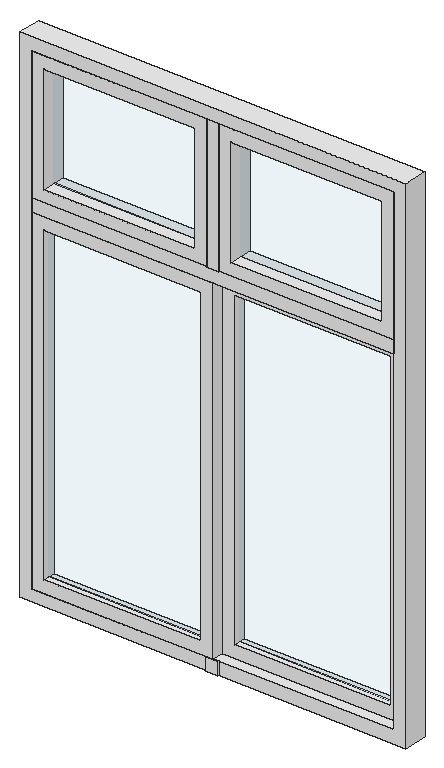
Revit family "window_slidingwindow_toppivot_2panel", category Windows, host Wall, Revit 2015
Parameters (values of type "1600w x 1500h")
  MY Revit Website = "http://revit.sg"
  SymbolSlidingSwing = HeightSliding / 2  # 750 mm
  FREE Revit Family -  Revit.SG = "http://revit.sg"
  HeightSliding = 1500 mm
  Height = 2100 mm
  Default Sill Height = 900 mm
  Wall Closure = By host
  Width = 1600 mm
  Creator = "Gary Lim"  # constant formula
  Analytic Construction = "<None>"
Reference planes
  plane 1 "Center (Front/Back)": y = 0
  plane 2 "Center (Left/Right)": x = 0
  plane 3 "Left": x = -800
  plane 4 "Right": x = 800
  plane 5 "Sill": z = 900
  plane 6 "Exterior": y = 100
  plane 7 "Interior": y = -100
  plane 8: x = 749.934
  plane 9: x = 800
  plane 10: x = -749.934
  plane 11: x = -675
  plane 12 "glass-side": y = -25
  plane 13 "glass-centre": y = -75
  plane 14: z = 1650
  plane 15 "glass-side-symbol-ext": y = -22
  plane 16: x = 387.467
  plane 17: x = 280
  plane 18 "glass-centre-symbol-ext": y = -72
  plane 19: x = -387.467
  plane 20 "window top 2100": z = 3000
  plane 21: x = 25
  plane 22: x = -25
  plane 23: z = 2400
  plane 24: z = 2350
  plane 25 "top pivot glass": y = -50
  plane 26: z = 950.066
  plane 27: z = 2949.934
  plane 28: x = 494.934
  plane 29: x = -280
  plane 30: x = -494.934
Forms (mm)
  Sweep 1, solid, material "Aluminium"
    path origin (0, -100, 0) x (1, 0, 0) y (0, 0, 1)
      loop
        line (749.934, 2350) -> (0, 2350) -> (0, 950) -> (749.934, 950) -> (749.934, 2350)
    profile origin (374.967, -100, 2350) x (0, 0, -1) y (0, -1, 0)
      loop
        line (0, -50) -> (0, -100) -> (50, -100) -> (50, -50) -> (0, -50)
  Sweep 2, solid, material "Aluminium"
    path origin (0, -100, 0) x (-1, 0, 0) y (0, 0, 1)
      loop
        line (749.934, 2350) -> (0, 2350) -> (0, 950) -> (749.934, 950) -> (749.934, 2350)
    profile origin (-374.967, -100, 2350) x (0, 0, 1) y (0, -1, 0)
      loop
        line (0, 0) -> (-50, 0) -> (-50, -50) -> (0, -50) -> (0, 0)
  Extrusion 3, solid, material "Glass"
    sketch origin (0, -25, 0) x (-1, 0, 0) y (0, 0, 1)
      loop
        line (-699.934, 2300) -> (-699.934, 1000) -> (-50, 1000) -> (-50, 2300) -> (-699.934, 2300)
    from -3 to 3
  Extrusion 4, solid, material "Glass"
    sketch origin (0, -75, 0) x (1, 0, 0) y (0, 0, -1)
      loop
        line (-699.934, -2300) -> (-50, -2300) -> (-50, -1000) -> (-699.934, -1000) -> (-699.934, -2300)
    from -3 to 3
  Sweep 5, solid, material "Aluminium"
    path origin (0, -100, 0) x (1, 0, 0) y (0, 0, 1)
      loop
        line (-800, 3000) -> (-800, 900) -> (800, 900) -> (800, 3000) -> (-800, 3000)
    profile origin (0, -100, 3000) x (0, 0, 1) y (0, -1, 0)
      loop
        line (0, 0) -> (-50.066, 0) -> (-50.066, -100) -> (0, -100) -> (0, 0)
  Extrusion 6, solid, material "Aluminium"
    sketch origin (0, -100, 0) x (1, 0, 0) y (0, 0, 1)
      loop
        line (749.934, 2400) -> (-749.934, 2400) -> (-749.934, 2350) -> (749.934, 2350) -> (749.934, 2400)
    from 0 to -100
  Extrusion 7, solid, material "Aluminium"
    sketch origin (550, -100, 0) x (-1, 0, 0) y (0, 0, -1)
      loop
        line (575, -2400) -> (525, -2400) -> (525, -2949.934) -> (575, -2949.934) -> (575, -2400)
    from 0 to -100
  Sweep 8, solid, material "Aluminium"
    path origin (0, -50, 0) x (0, 0, -1) y (-1, 0, 0)
      loop
        line (-2949.934, 749.934) -> (-2949.934, 25) -> (-2400, 25) -> (-2400, 749.934) -> (-2949.934, 749.934)
    profile origin (-387.467, -50, 2949.934) x (0, 0, -1) y (0, 1, 0)
      loop
        line (0, 50) -> (0, -50) -> (49.934, -50) -> (49.934, 50) -> (0, 50)
  Extrusion 9, solid, material "Glass"
    sketch origin (0, -50, 0) x (0, 0, -1) y (-1, 0, 0)
      loop
        line (-2900, 700) -> (-2900, 74.934) -> (-2449.934, 74.934) -> (-2449.934, 700) -> (-2900, 700)
    from -3 to 3
  Sweep 10, solid, material "Aluminium"
    path origin (0, -50, 0) x (0, 0, -1) y (1, 0, 0)
      loop
        line (-2949.934, 749.934) -> (-2949.934, 25) -> (-2400, 25) -> (-2400, 749.934) -> (-2949.934, 749.934)
    profile origin (387.467, -50, 2949.934) x (0, 0, 1) y (0, 1, 0)
      loop
        line (0, 50) -> (-49.934, 50) -> (-49.934, -50) -> (0, -50) -> (0, 50)
  Extrusion 11, solid, material "Glass"
    sketch origin (0, -50, 0) x (0, 0, -1) y (-1, 0, 0)
      loop
        line (-2900, -699.934) -> (-2449.934, -699.934) -> (-2449.934, -74.934) -> (-2900, -74.934) -> (-2900, -699.934)
    from -3 to 3
  Extrusion 12, solid, material "Aluminium"
    sketch origin (-650, -100, 0) x (1, 0, 0) y (0, 0, 1)
      loop
        line (675, 900) -> (675, 950.066) -> (625, 950.066) -> (625, 900) -> (675, 900)
    from -3 to 3
  Extrusion 13, solid, material "Glass"
    sketch origin (0, -50, 0) x (0, 0, -1) y (-1, 0, 0)
      loop
        line (-900, -749.934) -> (-900, -25) -> (-950.066, -25) -> (-950.066, -749.934) -> (-900, -749.934)
    from -3 to 3
  Extrusion 14, solid, material "Glass"
    sketch origin (0, -50, 0) x (0, 0, -1) y (-1, 0, 0)
      loop
        line (-900, 25) -> (-900, 749.934) -> (-950.066, 749.934) -> (-950.066, 25) -> (-900, 25)
    from -3 to 3
Lines and regions (mm)
  Opening 1
    outline origin (3500, -100, 0) x (1, 0, 0) y (0, 0, 1)
      loop
        line (-2700, 900) -> (-2700, 3000) -> (-4300, 3000) -> (-4300, 900) -> (-2700, 900)
  symbolic lines, style "Elevation Swing"
    curve 1: line (-749.934, -50, 2400) -> (-387.467, -50, 2949.934)
    curve 2: line (-387.467, -50, 2949.934) -> (-25, -50, 2400)
    curve 3: line (749.934, -50, 2400) -> (387.467, -50, 2949.934)
    curve 4: line (387.467, -50, 2949.934) -> (25, -50, 2400)
  symbolic lines, style "WindowsOpeningProjection", not visible
    curve 5: line (487.467, -75, 1650) -> (287.467, -75, 1650)
    curve 9: line (494.934, -50, 1650) -> (280, -50, 1650)
    curve 10: line (280, -50, 1650) -> (333.033, -50, 1703.033)
  symbolic lines, style "Elevation Swing", not visible
    curve 6: line (487.467, -50, 1650) -> (448.576, -50, 1688.891)
  symbolic lines, style "WindowsOpeningProjection"
    curve 7: line (494.934, -50, 1650) -> (280, -50, 1650)
    curve 8: line (280, -50, 1650) -> (333.033, -50, 1703.033)
    curve 11: line (-494.934, -50, 1650) -> (-280, -50, 1650)
    curve 12: line (-280, -50, 1650) -> (-333.033, -50, 1703.033)
Text (mm)
  text "EXTERIOR" at (-1963.203, 1332.353, 0), in view "Ref. Level"
  text "INTERIOR" at (-1981.466, -818.386, 0), in view "Ref. Level"
  text "Exterior" at (0, 923.751, 2943.296), in view "Right"
  text "Exterior" at (0, 1040.484, 2685.409), in view "Left"
Dimensions and locks
  equal spacing: plane 3 "Left", plane 2 "Center (Left/Right)", plane 4 "Right"  (x2)
  "Width": plane 3 "Left" to plane 4 "Right"
  "Default Sill Height": plane 5 "Sill" to level
  locked: plane 6 "Exterior" to host wall at 0
  locked: plane 7 "Interior" to host wall
  locked: host wall to plane 13 "glass-centre" at 25
  locked: plane 12 "glass-side" to host wall at 75
  "SymbolSlidingSwing": plane 5 "Sill" to plane 14
  plane 21 to plane 2 "Center (Left/Right)" to plane 22 = 25 mm locked, 25 mm locked
  "Height": plane 20 "window top 2100" to plane 5 "Sill"
  "HeightSliding": plane 23 to plane 5 "Sill"
  locked: plane 23 to plane 24 at 50
  locked: plane 25 "top pivot glass" to host wall at 50
  equal spacing: plane 21, plane 16, plane 8
  equal spacing: plane 10, plane 19, plane 22
  locked: plane 8 to plane 4 "Right" at 50.066
  locked: plane 10 to plane 3 "Left" at 50.066
  locked: plane 27 to plane 20 "window top 2100" at 50.066
  plane 17 to plane 16 to plane 28 = 107.467 mm locked, 107.467 mm locked
  plane 30 to plane 19 to plane 29 = 107.467 mm locked, 107.467 mm locked
  locked: Sweep 2 to Extrusion 6 at 50
  locked: Sweep 2 to Sweep 1 at 50
  locked: Sweep 2 to Sweep 5 at 50
  aligned and locked: plane 2 "Center (Left/Right)" to Sweep 1 sketch curve
  aligned and locked: Extrusion 3 sketch curve to Sweep 1  (x4)
  aligned and locked: Sweep 5 sketch curve to host wall
  aligned and locked: plane 20 "window top 2100" to Opening 1 sketch curve
  aligned and locked: host wall to Extrusion 6
  aligned and locked: plane 23 to Extrusion 6
  aligned and locked: plane 23 to Extrusion 6 sketch curve
  aligned and locked: plane 24 to Extrusion 6
  aligned and locked: plane 24 to Sweep 2
  aligned and locked: plane 24 to Sweep 1
  aligned and locked: Sweep 1 to Extrusion 4
  aligned and locked: Sweep 5 to plane 20 "window top 2100"
  aligned and locked: Extrusion 7 to Sweep 8 sketch curve
  aligned and locked: Sweep 8 sketch curve to Extrusion 7
  aligned and locked: Sweep 8 sketch curve to Sweep 5  (x2)
  aligned and locked: Extrusion 9 sketch curve to Sweep 8  (x4)
  aligned and locked: Sweep 8 to curve 1
  aligned and locked: Extrusion 12 to Extrusion 13 sketch curve  (x2)
  aligned and locked: Extrusion 12 to Extrusion 14 sketch curve  (x2)
  aligned and locked: Sweep 5 sketch curve to plane 9
  aligned and locked: Opening 1 sketch curve to plane 9
  aligned and locked: Sweep 1 sketch curve to Sweep 5
  aligned and locked: plane 4 "Right" to Sweep 5
  aligned and locked: plane 9 to plane 4 "Right"
  aligned and locked: plane 3 "Left" to Opening 1 sketch curve
  aligned and locked: plane 3 "Left" to Sweep 5 sketch curve
  aligned and locked: Sweep 2 sketch curve to Sweep 5
  aligned and locked: Extrusion 4 to Sweep 2
  aligned and locked: Sweep 5 to Sweep 10 sketch curve
  aligned and locked: Extrusion 11 to Sweep 1
  aligned and locked: Sweep 1 to Extrusion 13
  aligned and locked: Extrusion 14 to Sweep 2
  aligned and locked: plane 8 to Sweep 10
  aligned and locked: plane 10 to Sweep 8
  aligned and locked: Extrusion 6 to plane 8
  aligned and locked: Extrusion 6 to plane 10
  aligned and locked: plane 26 to Sweep 5
  aligned and locked: plane 27 to Sweep 5
  aligned and locked: plane 28 to curve 7
  aligned and locked: plane 5 "Sill" to Sweep 5 sketch curve
  aligned and locked: plane 5 "Sill" to Opening 1 sketch curve
Automatic sketch dimensions
  Sweep 1 sketch curve to plane 24 = 0 mm
  Sweep 1 sketch curve to plane 5 "Sill" = 50 mm
  Sweep 1 sketch curve to profile plane = 0 mm
  Sweep 1 sketch curve to profile plane = 50 mm
  Sweep 1 sketch curve to plane 7 "Interior" = 100 mm
  Sweep 1 sketch curve to plane 7 "Interior" = 50 mm
  plane 2 "Center (Left/Right)" to Sweep 2 sketch curve = 0 mm
  Sweep 2 sketch curve to plane 24 = 0 mm
  plane 5 "Sill" to Sweep 2 sketch curve = 50 mm
  Sweep 2 sketch curve to plane 7 "Interior" = 0 mm
  profile plane to Sweep 2 sketch curve = 0 mm
  profile plane to Sweep 2 sketch curve = 50 mm
  Sweep 2 sketch curve to plane 7 "Interior" = 50 mm
  Extrusion 4 sketch curve to plane 11 = 24.934 mm
  Extrusion 4 sketch curve to plane 22 = 25 mm
  plane 5 "Sill" to Extrusion 4 sketch curve = 100 mm
  plane 24 to Extrusion 4 sketch curve = 50 mm
  Sweep 5 sketch curve to plane 7 "Interior" = 0 mm
  profile plane to Sweep 5 sketch curve = 0 mm
  profile plane to Sweep 5 sketch curve = 50.066 mm
  Sweep 5 sketch curve to plane 7 "Interior" = 100 mm
  Extrusion 6 sketch curve to plane 10 = 0 mm
  plane 8 to Extrusion 6 sketch curve = 0 mm
  Extrusion 6 sketch curve to plane 24 = 0 mm
  plane 21 to Extrusion 7 sketch curve = 0 mm
  plane 22 to Extrusion 7 sketch curve = 0 mm
  Extrusion 7 sketch curve to plane 23 = 0 mm
  Extrusion 7 sketch curve to plane 27 = 0 mm
  Sweep 8 sketch curve to plane 27 = 0 mm
  Sweep 8 sketch curve to profile plane = 49.934 mm
  Sweep 8 sketch curve to plane 25 "top pivot glass" = 50 mm
  plane 25 "top pivot glass" to Sweep 8 sketch curve = 50 mm
  Sweep 10 sketch curve to plane 21 = 0 mm
  Sweep 10 sketch curve to plane 27 = 0 mm
  Sweep 10 sketch curve to plane 23 = 0 mm
  profile plane to Sweep 10 sketch curve = 0 mm
  profile plane to Sweep 10 sketch curve = 49.934 mm
  Sweep 10 sketch curve to plane 25 "top pivot glass" = 50 mm
  plane 25 "top pivot glass" to Sweep 10 sketch curve = 50 mm
  plane 27 to Extrusion 11 sketch curve = 49.934 mm
  Extrusion 11 sketch curve to plane 23 = 49.934 mm
  Extrusion 11 sketch curve to plane 21 = 49.934 mm
  Extrusion 11 sketch curve to plane 8 = 50 mm
  curve 1 to plane 19 = 0 mm
  curve 1 to plane 27 = 0 mm
  plane 16 to curve 3 = 0 mm
  curve 3 to plane 27 = 0 mm
  plane 8 to curve 3 = 0 mm
  curve 3 to plane 23 = 0 mm
  curve 2 to plane 22 = 0 mm
  curve 2 to plane 23 = 0 mm
  curve 4 to plane 21 = 0 mm
  curve 4 to plane 23 = 0 mm
  curve 7 to plane 14 = 0 mm
  curve 12 to plane 14 = 0 mm
  curve 8 to plane 17 = 0 mm
  plane 29 to curve 11 = 0 mm
  curve 11 to plane 30 = 0 mm
  curve 1 to plane 10 = 0 mm
  plane 14 to curve 8 = 53.033 mm
  plane 14 to curve 12 = 53.033 mm
  plane 17 to curve 8 = 53.033 mm
  plane 29 to curve 12 = 53.033 mm
  Extrusion 12 sketch curve to plane 5 "Sill" = 0 mm
  plane 22 to Extrusion 12 sketch curve = 0 mm
  plane 21 to Extrusion 12 sketch curve = 0 mm
  Extrusion 12 sketch curve to plane 26 = 0 mm
  Extrusion 13 sketch curve to plane 5 "Sill" = 0 mm
  Extrusion 13 sketch curve to plane 8 = 0 mm
  Extrusion 14 sketch curve to plane 26 = 0 mm
  Extrusion 14 sketch curve to plane 10 = 0 mm
